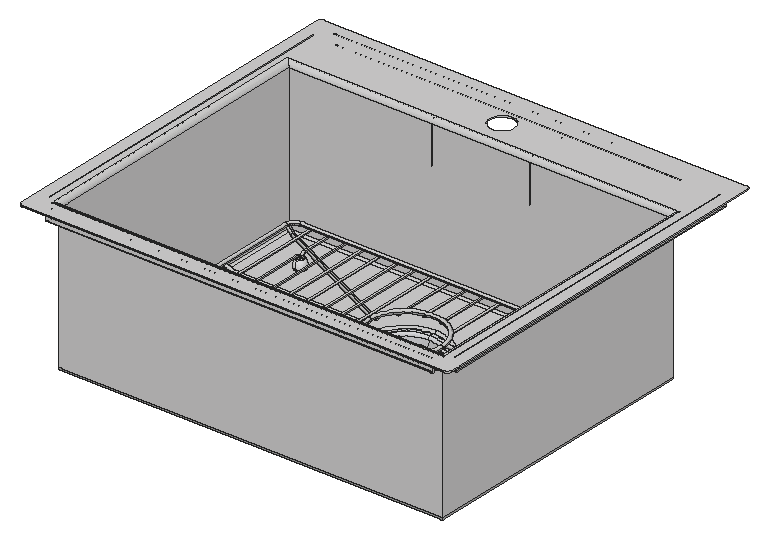
Revit family "Sink-Top_Under_Mount-Kitchen-KOHLER-Vault-K-3822", category Plumbing Fixtures, host Face, Revit 2015 (continued)
Definition of nested family "K-3822"
  Lines and regions (mm)
    symbolic lines, detail levels medium+fine
      curve 189: line (140.921, 53.25, 0) -> (163.645, 64.313, 0)
      curve 190: line (112.845, 44.977, 0) -> (90.121, 33.894, 0)
      curve 191: line (115.521, 40.884, 0) -> (138.245, 51.947, 0)
      curve 192: line (87.445, 32.589, 0) -> (64.779, 21.534, 0)
      curve 193: line (90.121, 28.519, 0) -> (112.845, 39.582, 0)
      curve 194: line (62.103, 20.229, 0) -> (53.246, 15.909, 0)
      curve 195: line (64.779, 16.182, 0) -> (87.445, 27.217, 0)
      curve 196: line (64.779, 2.604, 0) -> (89.238, 2.604, 0)
      curve 197: line (64.779, -2.604, 0) -> (88.236, -2.604, 0)
      curve 198: line (90.121, -2.604, 0) -> (114.238, -2.604, 0)
      curve 199: line (90.121, 2.604, 0) -> (113.922, 2.604, 0)
      curve 200: line (115.521, -2.604, 0) -> (138.245, -2.604, 0)
      curve 201: line (115.521, 2.604, 0) -> (138.245, 2.604, 0)
      curve 202: line (140.921, -2.604, 0) -> (163.645, -2.604, 0)
      curve 203: line (140.921, 2.604, 0) -> (163.645, 2.604, 0)
      curve 204: line (166.321, -2.604, 0) -> (189.045, -2.604, 0)
      curve 205: line (166.321, 2.604, 0) -> (189.045, 2.604, 0)
      curve 206: line (191.721, -2.604, 0) -> (214.445, -2.604, 0)
      curve 207: line (191.721, 2.604, 0) -> (214.445, 2.604, 0)
      curve 208: line (217.121, -2.604, 0) -> (239.845, -2.604, 0)
      curve 209: line (217.121, 2.604, 0) -> (239.845, 2.604, 0)
      curve 210: line (242.521, -2.604, 0) -> (264.768, -2.604, 0)
      curve 211: line (242.521, 2.604, 0) -> (264.768, 2.604, 0)
      curve 212: line (214.445, -212.659, 0) -> (191.721, -189.127, 0)
      curve 213: line (191.721, -196.235, 0) -> (214.445, -219.767, 0)
      curve 214: line (189.045, -186.356, 0) -> (166.321, -162.825, 0)
      curve 215: line (166.321, -169.932, 0) -> (189.045, -193.464, 0)
      curve 216: line (163.645, -160.054, 0) -> (140.921, -136.522, 0)
      curve 217: line (140.921, -143.63, 0) -> (163.645, -167.162, 0)
      curve 218: line (138.245, -133.752, 0) -> (115.521, -110.22, 0)
      curve 219: line (115.521, -117.327, 0) -> (138.245, -140.859, 0)
      curve 220: line (112.845, -107.449, 0) -> (90.121, -83.917, 0)
      curve 221: line (90.121, -91.025, 0) -> (112.845, -114.557, 0)
      curve 222: line (87.445, -81.147, 0) -> (64.779, -57.675, 0)
      curve 223: line (64.779, -64.782, 0) -> (87.445, -88.254, 0)
      curve 224: line (62.103, -54.904, 0) -> (43.036, -35.159, 0)
      curve 225: line (263.661, 118.535, 0) -> (242.521, 108.224, 0)
      curve 226: line (242.521, 102.711, 0) -> (264.764, 113.54, 0)
      curve 227: line (239.845, 106.919, 0) -> (217.121, 95.836, 0)
      curve 228: line (214.445, 94.531, 0) -> (191.721, 83.447, 0)
      curve 229: line (217.121, 90.346, 0) -> (239.845, 101.408, 0)
      curve 230: line (189.045, 82.143, 0) -> (166.321, 71.059, 0)
      curve 231: line (191.721, 77.98, 0) -> (214.445, 89.043, 0)
      curve 232: line (263.961, -263.934, 0) -> (242.521, -241.732, 0)
      curve 233: line (239.845, -238.961, 0) -> (217.121, -215.429, 0)
      curve 234: line (242.521, -248.84, 0) -> (260.977, -267.951, 0)
      curve 235: line (217.121, -222.537, 0) -> (239.845, -246.069, 0)
      curve 236: circle (-32.539, 0, 0) r 2.411 normal (0, 0, 1)
      curve 237: circle (-31.705, 7.245, 0) r 2.411 normal (0, 0, 1)
      curve 238: circle (-29.345, 14.165, 0) r 2.411 normal (0, 0, 1)
      curve 239: circle (-25.42, 20.312, 0) r 2.411 normal (0, 0, 1)
      curve 240: circle (-20.312, 25.421, 0) r 2.411 normal (0, 0, 1)
      curve 241: circle (-14.132, 29.292, 0) r 2.411 normal (0, 0, 1)
      curve 242: circle (-7.252, 31.768, 0) r 2.411 normal (0, 0, 1)
      curve 243: circle (0, 32.538, 0) r 2.411 normal (0, 0, 1)
      curve 244: circle (-24.223, 0, 0) r 2.411 normal (0, 0, 1)
      curve 245: circle (-23.06, 7.491, 0) r 2.411 normal (0, 0, 1)
      curve 246: circle (-19.589, 14.195, 0) r 2.411 normal (0, 0, 1)
      curve 247: circle (-14.241, 19.605, 0) r 2.411 normal (0, 0, 1)
      curve 248: circle (-7.506, 22.997, 0) r 2.411 normal (0, 0, 1)
      curve 249: circle (0, 24.231, 0) r 2.411 normal (0, 0, 1)
      curve 250: circle (-31.705, -7.245, 0) r 2.411 normal (0, 0, -1)
      curve 251: circle (-29.345, -14.165, 0) r 2.411 normal (0, 0, -1)
      curve 252: circle (-25.42, -20.312, 0) r 2.411 normal (0, 0, -1)
      curve 253: circle (-20.312, -25.421, 0) r 2.411 normal (0, 0, -1)
      curve 254: circle (-14.132, -29.292, 0) r 2.411 normal (0, 0, -1)
      curve 255: circle (-7.252, -31.768, 0) r 2.411 normal (0, 0, -1)
      curve 256: circle (-23.06, -7.491, 0) r 2.411 normal (0, 0, -1)
      curve 257: circle (-19.589, -14.195, 0) r 2.411 normal (0, 0, -1)
      curve 258: circle (-14.241, -19.605, 0) r 2.411 normal (0, 0, -1)
      curve 259: circle (-7.506, -22.997, 0) r 2.411 normal (0, 0, -1)
      curve 260: circle (32.539, 0, 0) r 2.411 normal (0, 0, -1)
      curve 261: circle (31.705, 7.245, 0) r 2.411 normal (0, 0, -1)
      curve 262: circle (29.345, 14.165, 0) r 2.411 normal (0, 0, -1)
      curve 263: circle (25.42, 20.312, 0) r 2.411 normal (0, 0, -1)
      curve 264: circle (20.312, 25.421, 0) r 2.411 normal (0, 0, -1)
      curve 265: circle (14.132, 29.292, 0) r 2.411 normal (0, 0, -1)
      curve 266: circle (7.252, 31.768, 0) r 2.411 normal (0, 0, -1)
      curve 267: circle (24.223, 0, 0) r 2.411 normal (0, 0, -1)
      curve 268: circle (23.06, 7.491, 0) r 2.411 normal (0, 0, -1)
      curve 269: circle (19.589, 14.195, 0) r 2.411 normal (0, 0, -1)
      curve 270: circle (14.241, 19.605, 0) r 2.411 normal (0, 0, -1)
      curve 271: circle (7.506, 22.997, 0) r 2.411 normal (0, 0, -1)
      curve 272: circle (31.705, -7.245, 0) r 2.411 normal (0, 0, 1)
      curve 273: circle (29.345, -14.165, 0) r 2.411 normal (0, 0, 1)
      curve 274: circle (25.42, -20.312, 0) r 2.411 normal (0, 0, 1)
      curve 275: circle (20.312, -25.421, 0) r 2.411 normal (0, 0, 1)
      curve 276: circle (14.132, -29.292, 0) r 2.411 normal (0, 0, 1)
      curve 277: circle (7.252, -31.768, 0) r 2.411 normal (0, 0, 1)
      curve 278: circle (23.06, -7.491, 0) r 2.411 normal (0, 0, 1)
      curve 279: circle (19.589, -14.195, 0) r 2.411 normal (0, 0, 1)
      curve 280: circle (14.241, -19.605, 0) r 2.411 normal (0, 0, 1)
      curve 281: circle (7.506, -22.997, 0) r 2.411 normal (0, 0, 1)
      curve 282: circle (0, -32.538, 0) r 2.411 normal (0, 0, -1)
      curve 283: circle (0, -24.231, 0) r 2.411 normal (0, 0, -1)
    symbolic lines, visible <- "Four Faucet Hole", detail levels medium+fine
      curve 31: circle (101.6, 179.387, 0) r 18.256 normal (0, 0, 1)
      curve 32: circle (-101.6, 179.387, 0) r 18.256 normal (0, 0, 1)
      curve 33: circle (241.3, 179.387, 0) r 18.256 normal (0, 0, 1)
    symbolic lines, visible <- "Three Faucet Hole", detail levels medium+fine
      curve 34: circle (101.6, 179.387, 0) r 18.256 normal (0, 0, 1)
      curve 35: circle (-101.6, 179.387, 0) r 18.256 normal (0, 0, 1)
  Dimensions and locks
    "Dist2": plane 9 to plane 11
    "Dist1": plane 9 to plane 12
    aligned and locked: plane 2 to level
    aligned and locked: plane 11 to Extrusion 25 sketch curve  (x2)
    aligned and locked: plane 12 to Extrusion 25 sketch curve
  Automatic sketch dimensions
    curve 14 to plane 10 = 1/16"
    plane 7 to curve 14 = 0.59369"
    curve 14 to curve 14 = 0.13864"
    curve 19 to plane 10 = 1/16"
    curve 14 to curve 19 = 0.51768"
    curve 19 to curve 16 = 0"
    curve 16 to curve 17 = 0"
    curve 15 to curve 16 = 0"  (x2)
    curve 17 to curve 18 = 0.077"
    level to curve 21 = 0.52095"
    plane 7 to curve 21 = 1.49202"
    level to curve 22 = 0.27783"
    curve 22 to plane 3 "Center (Left/Right)" = 2.6622"
    curve 23 to level = 0"
    curve 22 to curve 23 = 0.27784"
    curve 25 to plane 3 "Center (Left/Right)" = 1.45206"
    curve 24 to plane 14 = 0.20175"
    curve 25 to curve 24 = 0.12395"
    plane 3 "Center (Left/Right)" to curve 24 = 1 21/64"
    curve 24 to curve 25 = 0.12395"
    curve 25 to curve 23 = 0.9323"
    curve 23 to curve 22 = 0.27784"
    plane 4 to curve 21 = 1.49202"
    curve 18 to plane 10 = 0.66255"
    plane 4 to curve 18 = 1.327"
    curve 18 to curve 15 = 0.077"
    curve 18 to curve 17 = 0.077"
    curve 19 to curve 15 = 0"
    curve 20 to plane 10 = 1/16"
    curve 19 to curve 20 = 0.51768"
    curve 20 to curve 20 = 0.13864"
    curve 15 to curve 19 = 0.16858"
    curve 16 to curve 15 = 0.03119"
    curve 18 to curve 17 = 0.07141"
    curve 24 to curve 25 = 1.05885"
    Sweep 1 sketch curve to plane 8 = 0"
    plane 7 to Sweep 1 sketch curve = 1 3/8"
    plane 4 to Sweep 1 sketch curve = 1 3/8"
    plane 6 to Sweep 1 sketch curve = 1.355"
    Extrusion 2 sketch curve to plane 7 = 0"
    Extrusion 2 sketch curve to plane 6 = 0"
    Extrusion 2 sketch curve to plane 5 = 0"
    Extrusion 2 sketch curve to plane 4 = 0"
    Extrusion 2 sketch curve to Extrusion 2 sketch curve = 1/4"  (x2)
    plane 6 to Extrusion 2 sketch curve = 1/4"
    plane 4 to Extrusion 2 sketch curve = 1/4"
    Extrusion 3 sketch curve to plane 8 = 0.45953"
    plane 7 to Extrusion 3 sketch curve = 1.83453"
    plane 4 to Extrusion 3 sketch curve = 1.83453"
    plane 6 to Extrusion 3 sketch curve = 1.81453"
    Blend 4 sketch curve to Blend 4 sketch curve = 0"  (x13)
    plane 1 "Center (Front/Back)" to Blend 4 sketch curve = 0"
    Blend 4 sketch curve to plane 3 "Center (Left/Right)" = 0"
    Blend 4 sketch curve to plane 13 = 0.55214"  (x2)
    Blend 4 sketch curve to plane 3 "Center (Left/Right)" = 1.21405"
    Blend 4 sketch curve to plane 1 "Center (Front/Back)" = 1.59645"  (x2)
    Blend 4 sketch curve to plane 8 = 0.45953"
    plane 7 to Blend 4 sketch curve = 1.83453"
    plane 4 to Blend 4 sketch curve = 1.83453"
    plane 6 to Blend 4 sketch curve = 1.81453"
    Revolve 5 sketch curve to plane 1 "Center (Front/Back)" = 0"  (x2)
    Revolve 5 sketch curve to level = 0.1225"
    Revolve 5 sketch curve to plane 1 "Center (Front/Back)" = 1.74708"
    Revolve 5 sketch curve to Revolve 5 sketch curve = 0.61523"
    Revolve 5 sketch curve to level = 0.05052"
    Revolve 5 sketch curve to Revolve 5 sketch curve = 3/8"
    Revolve 5 sketch curve to Revolve 5 sketch curve = 0.413"
    Sweep 6 sketch curve to plane 8 = 0.95841"
    plane 7 to Sweep 6 sketch curve = 2 19/256"
    Sweep 6 sketch curve to Sweep 6 sketch curve = 53/128"  (x2)
    Sweep 6 sketch curve to Sweep 6 sketch curve = 0.41568"
    plane 4 to Sweep 6 sketch curve = 2 125/256"  (x2)
    plane 6 to Sweep 6 sketch curve = 2.26929"
    profile plane to Sweep 6 sketch curve = 0.10365"
    level to Sweep 6 sketch curve = 1.47268"
    level to Sweep 7 sketch curve = 1.17847"
    plane 7 to Sweep 7 sketch curve = 2.62296"
    Sweep 7 sketch curve to plane 3 "Center (Left/Right)" = 2.73641"
    Sweep 7 sketch curve to Sweep 7 sketch curve = 0.6143"  (x2)
    Sweep 7 sketch curve to Sweep 7 sketch curve = 0.17615"  (x2)
    Sweep 7 sketch curve to profile plane = 0.00116"
    Sweep 7 sketch curve to profile plane = 8.77907"
    level to Sweep 8 sketch curve = 1.17847"
    plane 4 to Sweep 8 sketch curve = 2.62296"
    plane 3 "Center (Left/Right)" to Sweep 8 sketch curve = 2.73641"
    Sweep 8 sketch curve to Sweep 8 sketch curve = 0.6143"  (x2)
    Sweep 8 sketch curve to Sweep 8 sketch curve = 0.17615"  (x2)
    profile plane to Sweep 8 sketch curve = 0.00116"
    Sweep 8 sketch curve to profile plane = 8.77907"
    level to Sweep 9 sketch curve = 1.17847"
    Sweep 9 sketch curve to Sweep 9 sketch curve = 11 31/64"
    level to Sweep 9 sketch curve = 1.35462"  (x2)
    Sweep 9 sketch curve to Sweep 9 sketch curve = 0.6143"  (x2)
    Sweep 9 sketch curve to profile plane = 0.00116"
    Sweep 9 sketch curve to profile plane = 8.77907"
    plane 1 "Center (Front/Back)" to Sweep 10 sketch curve = 0"
    Sweep 10 sketch curve to plane 3 "Center (Left/Right)" = 0"
    profile plane to Sweep 10 sketch curve = 0.09349"
    level to Sweep 10 sketch curve = 1.47274"
    level to Sweep 11 sketch curve = 1.17847"
    Sweep 11 sketch curve to Sweep 11 sketch curve = 11 31/64"
    level to Sweep 11 sketch curve = 1.35462"  (x2)
    Sweep 11 sketch curve to Sweep 11 sketch curve = 0.6143"  (x2)
    profile plane to Sweep 11 sketch curve = 0.00116"
    Sweep 11 sketch curve to profile plane = 8.77907"
    level to Sweep 12 sketch curve = 1.17847"
    Sweep 12 sketch curve to Sweep 12 sketch curve = 8 15/64"
    level to Sweep 12 sketch curve = 1.35462"  (x2)
    Sweep 12 sketch curve to Sweep 12 sketch curve = 0.6143"  (x2)
    Sweep 12 sketch curve to profile plane = 0.00116"
    Sweep 12 sketch curve to profile plane = 8.77907"
    level to Extrusion 13 sketch curve = 1.32564"  (x5)
    plane 7 to Extrusion 13 sketch curve = 3.00461"
    Extrusion 13 sketch curve to Extrusion 13 sketch curve = 2"  (x2)
    Extrusion 13 sketch curve to Extrusion 13 sketch curve = 1"  (x8)
    Extrusion 13 sketch curve to Extrusion 13 sketch curve = 0.99772"  (x2)
    Extrusion 13 sketch curve to Extrusion 13 sketch curve = 0.99947"  (x2)
    Extrusion 13 sketch curve to plane 3 "Center (Left/Right)" = 0.49865"
    plane 3 "Center (Left/Right)" to Extrusion 13 sketch curve = 0.49865"
    Extrusion 13 sketch curve to Extrusion 13 sketch curve = 0.99956"
    Extrusion 13 sketch curve to Extrusion 13 sketch curve = 0"  (x13)
    plane 6 to Sweep 14 sketch curve = 2.91272"
    Sweep 14 sketch curve to Sweep 14 sketch curve = 0.10189"  (x2)
    Sweep 14 sketch curve to Sweep 14 sketch curve = 0.14"  (x2)
    Sweep 14 sketch curve to Sweep 14 sketch curve = 13/128"  (x2)
    level to Sweep 14 sketch curve = 1.2261"
    Sweep 14 sketch curve to plane 8 = 2.65906"
    Sweep 14 sketch curve to Sweep 14 sketch curve = 0.00033"  (x2)
    Sweep 14 sketch curve to Sweep 14 sketch curve = 0.42242"  (x2)
    Sweep 14 sketch curve to Sweep 14 sketch curve = 1.16272"
    Sweep 14 sketch curve to plane 8 = 0.49263"
    profile plane to Sweep 14 sketch curve = 0.00202"
    plane 3 "Center (Left/Right)" to Sweep 14 sketch curve = 8.49539"
    plane 6 to Sweep 15 sketch curve = 2.91505"
    Sweep 15 sketch curve to Sweep 15 sketch curve = 0.10189"  (x2)
    Sweep 15 sketch curve to Sweep 15 sketch curve = 0.14"  (x2)
    Sweep 15 sketch curve to Sweep 15 sketch curve = 13/128"  (x4)
    level to Sweep 15 sketch curve = 1.2261"
    Sweep 15 sketch curve to plane 8 = 2.65906"
    Sweep 15 sketch curve to Sweep 15 sketch curve = 0.42275"
    Sweep 15 sketch curve to Sweep 15 sketch curve = 0.42242"
    Sweep 15 sketch curve to Sweep 15 sketch curve = 1.16505"
    Sweep 15 sketch curve to plane 8 = 0.49263"
    Sweep 15 sketch curve to profile plane = 0.00202"
    profile plane to Sweep 15 sketch curve = 8.49539"
    plane 1 "Center (Front/Back)" to Extrusion 16 sketch curve = 0"
    Extrusion 16 sketch curve to plane 3 "Center (Left/Right)" = 0"
    level to Revolve 17 sketch curve = 0.69752"
    plane 6 to Revolve 17 sketch curve = 2.70383"
    Revolve 17 sketch curve to Revolve 17 sketch curve = 0.45342"
    Revolve 17 sketch curve to Revolve 17 sketch curve = 0.2104"
    Revolve 17 sketch curve to Revolve 17 sketch curve = 0.29194"
    level to Revolve 17 sketch curve = 0.60214"
    Revolve 17 sketch curve to Revolve 17 sketch curve = 0.03294"
    Revolve 17 sketch curve to Revolve 17 sketch curve = 0.44874"
    Revolve 17 sketch curve to Revolve 17 sketch curve = 0.03236"
    Revolve 17 sketch curve to Revolve 17 sketch curve = 0"  (x2)
    Revolve 17 sketch curve to Revolve 17 sketch curve = 0.15695"
    Revolve 17 sketch curve to Revolve 17 sketch curve = 0.06882"
    level to Revolve 18 sketch curve = 0.69752"
    plane 6 to Revolve 18 sketch curve = 2.70383"
    Revolve 18 sketch curve to Revolve 18 sketch curve = 0.45342"
    Revolve 18 sketch curve to Revolve 18 sketch curve = 0.2104"
    Revolve 18 sketch curve to Revolve 18 sketch curve = 0.29194"
    Revolve 18 sketch curve to Revolve 18 sketch curve = 0.35337"
    Revolve 18 sketch curve to Revolve 18 sketch curve = 0.03236"
    Revolve 18 sketch curve to Revolve 18 sketch curve = 0.44874"
    Revolve 18 sketch curve to Revolve 18 sketch curve = 0.03294"
    Revolve 18 sketch curve to Revolve 18 sketch curve = 0"  (x2)
    Revolve 18 sketch curve to Revolve 18 sketch curve = 0.15695"
    Revolve 18 sketch curve to Revolve 18 sketch curve = 0.06882"
    level to Revolve 19 sketch curve = 0.69752"
    Revolve 19 sketch curve to plane 1 "Center (Front/Back)" = 2.56645"
    Revolve 19 sketch curve to Revolve 19 sketch curve = 0.45342"
    Revolve 19 sketch curve to Revolve 19 sketch curve = 0.2104"
    Revolve 19 sketch curve to Revolve 19 sketch curve = 0.29194"
    level to Revolve 19 sketch curve = 0.60214"
    Revolve 19 sketch curve to Revolve 19 sketch curve = 0.03294"
    Revolve 19 sketch curve to Revolve 19 sketch curve = 0.44874"
    Revolve 19 sketch curve to Revolve 19 sketch curve = 0.03236"
    Revolve 19 sketch curve to Revolve 19 sketch curve = 0"  (x2)
    Revolve 19 sketch curve to Revolve 19 sketch curve = 0.15695"
    Revolve 19 sketch curve to Revolve 19 sketch curve = 0.06882"
    level to Revolve 20 sketch curve = 0.69752"
    Revolve 20 sketch curve to plane 1 "Center (Front/Back)" = 2.56645"
    Revolve 20 sketch curve to Revolve 20 sketch curve = 0.45342"
    Revolve 20 sketch curve to Revolve 20 sketch curve = 0.2104"
    Revolve 20 sketch curve to Revolve 20 sketch curve = 0.29194"
    Revolve 20 sketch curve to Revolve 20 sketch curve = 0.35337"
    Revolve 20 sketch curve to Revolve 20 sketch curve = 0.03236"
    Revolve 20 sketch curve to Revolve 20 sketch curve = 0.44874"
    Revolve 20 sketch curve to Revolve 20 sketch curve = 0.03294"
    Revolve 20 sketch curve to Revolve 20 sketch curve = 0"  (x2)
    Revolve 20 sketch curve to Revolve 20 sketch curve = 0.15695"
    Revolve 20 sketch curve to Revolve 20 sketch curve = 0.06882"
    Revolve 21 sketch curve to plane 1 "Center (Front/Back)" = 0"  (x2)
    plane 1 "Center (Front/Back)" to Revolve 21 sketch curve = 0.00805"
    Revolve 21 sketch curve to level = 0.07883"
    Revolve 21 sketch curve to plane 1 "Center (Front/Back)" = 0.14499"
    Revolve 21 sketch curve to Revolve 21 sketch curve = 0.11506"
    Revolve 21 sketch curve to Revolve 21 sketch curve = 1.45508"
    Revolve 21 sketch curve to Revolve 21 sketch curve = 0.00051"
    level to Revolve 21 sketch curve = 0.01037"
    Revolve 21 sketch curve to Revolve 21 sketch curve = 0.09349"
    level to Revolve 21 sketch curve = 0.38235"
    Revolve 21 sketch curve to Revolve 21 sketch curve = 0.01949"
    level to Revolve 21 sketch curve = 0.00984"
    Revolve 21 sketch curve to Revolve 21 sketch curve = 0.03156"
    level to Revolve 21 sketch curve = 0.38778"
    Revolve 21 sketch curve to Revolve 21 sketch curve = 0.03187"
    Revolve 21 sketch curve to Revolve 21 sketch curve = 0.11937"
    Revolve 21 sketch curve to Revolve 21 sketch curve = 0.00624"
    Revolve 21 sketch curve to Revolve 21 sketch curve = 0.20941"
    Revolve 21 sketch curve to Revolve 21 sketch curve = 0.03"
    Revolve 21 sketch curve to Revolve 21 sketch curve = 0.04117"
    Revolve 21 sketch curve to Revolve 21 sketch curve = 0.01369"
    Revolve 21 sketch curve to Revolve 21 sketch curve = 0.00743"
    level to Revolve 21 sketch curve = 0.5318"
    Revolve 21 sketch curve to Revolve 21 sketch curve = 0.05014"
    Revolve 21 sketch curve to Revolve 21 sketch curve = 0.1478"
    Revolve 21 sketch curve to Revolve 21 sketch curve = 0.3812"
    Revolve 21 sketch curve to Revolve 21 sketch curve = 0.07896"
    Revolve 22 sketch curve to plane 1 "Center (Front/Back)" = 0"
    plane 14 to Revolve 22 sketch curve = 0"
    Revolve 22 sketch curve to plane 1 "Center (Front/Back)" = 1 5/64"
    Revolve 22 sketch curve to Revolve 22 sketch curve = 0.11602"
    Revolve 22 sketch curve to Revolve 22 sketch curve = 0.00076"
    Revolve 22 sketch curve to plane 14 = 0.03571"
    Revolve 22 sketch curve to Revolve 22 sketch curve = 0.06185"
    Revolve 22 sketch curve to plane 14 = 0.12973"
    Revolve 22 sketch curve to Revolve 22 sketch curve = 0.05428"
    Revolve 22 sketch curve to Revolve 22 sketch curve = 0.01785"
    Revolve 22 sketch curve to Revolve 22 sketch curve = 0.11972"
    level to Revolve 22 sketch curve = 0.2525"
    Revolve 22 sketch curve to Revolve 22 sketch curve = 0.92158"
    Revolve 22 sketch curve to Revolve 22 sketch curve = 0.30867"
    Revolve 22 sketch curve to Revolve 22 sketch curve = 0.076"
    Revolve 22 sketch curve to Revolve 22 sketch curve = 0.94447"
    Revolve 22 sketch curve to Revolve 22 sketch curve = 0.15877"
    plane 14 to Revolve 22 sketch curve = 0.5711"
    Revolve 22 sketch curve to Revolve 22 sketch curve = 0.30021"
    plane 1 "Center (Front/Back)" to Extrusion 23 sketch curve = 0"  (x4)
    Extrusion 23 sketch curve to plane 3 "Center (Left/Right)" = 0"  (x4)
    Extrusion 23 sketch curve to plane 3 "Center (Left/Right)" = 0.28553"  (x2)
    Extrusion 23 sketch curve to plane 3 "Center (Left/Right)" = 0.29553"  (x2)
    Extrusion 23 sketch curve to Extrusion 23 sketch curve = 0.27083"  (x4)
    Extrusion 23 sketch curve to Extrusion 23 sketch curve = 0.26513"  (x4)
    Extrusion 23 sketch curve to Extrusion 23 sketch curve = 0.21056"  (x4)
    Extrusion 23 sketch curve to Extrusion 23 sketch curve = 0.24334"  (x4)
    Extrusion 23 sketch curve to Extrusion 23 sketch curve = 0.13666"  (x4)
    Extrusion 23 sketch curve to Extrusion 23 sketch curve = 0.04579"  (x2)
    Extrusion 23 sketch curve to Extrusion 23 sketch curve = 0.20107"  (x4)
    Extrusion 23 sketch curve to Extrusion 23 sketch curve = 0.15456"  (x4)
    Extrusion 23 sketch curve to Extrusion 23 sketch curve = 0.09291"  (x4)
    Extrusion 23 sketch curve to Extrusion 23 sketch curve = 0.03283"  (x2)
    plane 3 "Center (Left/Right)" to Extrusion 23 sketch curve = 0.28553"  (x2)
    plane 3 "Center (Left/Right)" to Extrusion 23 sketch curve = 0.29553"  (x2)
    plane 1 "Center (Front/Back)" to Extrusion 23 sketch curve = 0.28525"  (x2)
    plane 1 "Center (Front/Back)" to Extrusion 23 sketch curve = 0.29492"  (x2)
    Extrusion 23 sketch curve to Extrusion 23 sketch curve = 0.27243"  (x4)
    Extrusion 23 sketch curve to Extrusion 23 sketch curve = 0.26394"  (x4)
    Extrusion 23 sketch curve to Extrusion 23 sketch curve = 0.21298"  (x4)
    Extrusion 23 sketch curve to Extrusion 23 sketch curve = 0.24199"  (x4)
    Extrusion 23 sketch curve to Extrusion 23 sketch curve = 0.13356"  (x4)
    Extrusion 23 sketch curve to Extrusion 23 sketch curve = 0.04858"  (x2)
    Extrusion 23 sketch curve to Extrusion 23 sketch curve = 0.20115"  (x4)
    Extrusion 23 sketch curve to Extrusion 23 sketch curve = 0.15241"  (x4)
    plane 13 to Extrusion 23 sketch curve = 0.24929"  (x2)
    plane 13 to Extrusion 23 sketch curve = 0.21898"
    Extrusion 23 sketch curve to plane 1 "Center (Front/Back)" = 0.28525"  (x2)
    Extrusion 23 sketch curve to plane 1 "Center (Front/Back)" = 0.29492"  (x2)
    Extrusion 23 sketch curve to Extrusion 23 sketch curve = 0.09748"  (x2)
    Extrusion 23 sketch curve to Extrusion 23 sketch curve = 0.03031"
    Extrusion 24 sketch curve to plane 3 "Center (Left/Right)" = 0"
    Extrusion 24 sketch curve to plane 9 = 0"
    plane 6 to Extrusion 26 sketch curve = 0.43"
    Extrusion 26 sketch curve to plane 10 = 0.24525"  (x2)
    Extrusion 26 sketch curve to Extrusion 26 sketch curve = 0.00853"
    Extrusion 26 sketch curve to Extrusion 26 sketch curve = 0.03"  (x2)
    Extrusion 26 sketch curve to plane 10 = 0.25393"  (x2)
    Extrusion 26 sketch curve to Extrusion 26 sketch curve = 0.02962"  (x2)
    Extrusion 26 sketch curve to Extrusion 26 sketch curve = 0.02625"  (x2)
    Extrusion 26 sketch curve to Extrusion 26 sketch curve = 0.00041"  (x2)
    Extrusion 26 sketch curve to Extrusion 26 sketch curve = 0.03392"
    Extrusion 26 sketch curve to Extrusion 26 sketch curve = 0.02717"  (x2)
    Extrusion 26 sketch curve to plane 10 = 0.08841"  (x2)
    Extrusion 26 sketch curve to Extrusion 26 sketch curve = 0.06071"
    Extrusion 26 sketch curve to plane 10 = 0.11019"  (x2)
    Extrusion 26 sketch curve to Extrusion 26 sketch curve = 0.02208"  (x2)
    Extrusion 26 sketch curve to Extrusion 26 sketch curve = 0.02275"  (x2)
    Extrusion 26 sketch curve to Extrusion 26 sketch curve = 0.00785"  (x2)
    Extrusion 26 sketch curve to Extrusion 26 sketch curve = 0.12201"  (x2)
    Extrusion 26 sketch curve to Extrusion 26 sketch curve = 0.00877"  (x2)
    Extrusion 26 sketch curve to plane 10 = 0.11011"  (x2)
    Extrusion 26 sketch curve to Extrusion 26 sketch curve = 0.02169"  (x2)
    Extrusion 26 sketch curve to Extrusion 26 sketch curve = 0.19793"  (x2)
    Extrusion 26 sketch curve to plane 10 = 0.08753"  (x2)
    Extrusion 26 sketch curve to Extrusion 26 sketch curve = 0.02162"  (x2)
    Extrusion 26 sketch curve to Extrusion 26 sketch curve = 0.02398"
    Extrusion 26 sketch curve to Extrusion 26 sketch curve = 1/32"
    Extrusion 26 sketch curve to Extrusion 26 sketch curve = 0.02727"  (x2)
    Extrusion 26 sketch curve to Extrusion 26 sketch curve = 0.02563"
    Extrusion 26 sketch curve to Extrusion 26 sketch curve = 0.00062"  (x2)
    Extrusion 26 sketch curve to plane 10 = 0.25423"  (x2)
    Extrusion 26 sketch curve to Extrusion 26 sketch curve = 0.00798"
    Extrusion 26 sketch curve to plane 10 = 0.24558"  (x2)
    Extrusion 26 sketch curve to Extrusion 26 sketch curve = 0.02964"  (x2)
    Extrusion 26 sketch curve to plane 5 = 0.895"
    Extrusion 26 sketch curve to Extrusion 26 sketch curve = 0.00834"
    Extrusion 26 sketch curve to Extrusion 26 sketch curve = 0.0325"
    Extrusion 26 sketch curve to Extrusion 26 sketch curve = 0.06139"
    Extrusion 26 sketch curve to Extrusion 26 sketch curve = 0.02223"
    Extrusion 26 sketch curve to Extrusion 26 sketch curve = 0.03082"
    Extrusion 26 sketch curve to Extrusion 26 sketch curve = 0.02584"
    Extrusion 26 sketch curve to Extrusion 26 sketch curve = 0.00815"
    Extrusion 26 sketch curve to Extrusion 26 sketch curve = 0.16343"  (x2)
    Extrusion 26 sketch curve to Extrusion 26 sketch curve = 0.16308"  (x2)
    Extrusion 26 sketch curve to Extrusion 26 sketch curve = 0.15815"  (x2)
    Extrusion 26 sketch curve to Extrusion 26 sketch curve = 0.00007"  (x2)
    Extrusion 26 sketch curve to Extrusion 26 sketch curve = 0.15907"  (x2)
    Extrusion 26 sketch curve to Extrusion 26 sketch curve = 0.00009"  (x2)
    Extrusion 26 sketch curve to Extrusion 26 sketch curve = 0.01762"  (x2)
    Extrusion 26 sketch curve to Extrusion 26 sketch curve = 0.01358"  (x2)
    plane 7 to Extrusion 27 sketch curve = 0.45"
    Extrusion 27 sketch curve to plane 10 = 0.24525"  (x2)
    Extrusion 27 sketch curve to Extrusion 27 sketch curve = 0.00853"
    Extrusion 27 sketch curve to Extrusion 27 sketch curve = 0.03"  (x2)
    Extrusion 27 sketch curve to plane 10 = 0.25393"  (x2)
    Extrusion 27 sketch curve to Extrusion 27 sketch curve = 0.02962"  (x2)
    Extrusion 27 sketch curve to Extrusion 27 sketch curve = 0.02625"  (x2)
    Extrusion 27 sketch curve to Extrusion 27 sketch curve = 0.00041"  (x2)
    Extrusion 27 sketch curve to Extrusion 27 sketch curve = 0.03392"
    Extrusion 27 sketch curve to Extrusion 27 sketch curve = 0.02717"  (x2)
    Extrusion 27 sketch curve to plane 10 = 0.08841"  (x2)
    Extrusion 27 sketch curve to Extrusion 27 sketch curve = 0.06071"
    Extrusion 27 sketch curve to plane 10 = 0.11019"  (x2)
    Extrusion 27 sketch curve to Extrusion 27 sketch curve = 0.02208"  (x2)
    Extrusion 27 sketch curve to Extrusion 27 sketch curve = 0.02275"  (x2)
    Extrusion 27 sketch curve to Extrusion 27 sketch curve = 0.00785"  (x2)
    Extrusion 27 sketch curve to Extrusion 27 sketch curve = 0.12201"  (x2)
    Extrusion 27 sketch curve to Extrusion 27 sketch curve = 0.00877"  (x2)
    Extrusion 27 sketch curve to plane 10 = 0.11011"  (x2)
    Extrusion 27 sketch curve to Extrusion 27 sketch curve = 0.02169"  (x2)
    Extrusion 27 sketch curve to Extrusion 27 sketch curve = 0.19793"  (x2)
    Extrusion 27 sketch curve to plane 10 = 0.08753"  (x2)
    Extrusion 27 sketch curve to Extrusion 27 sketch curve = 0.02162"  (x2)
    Extrusion 27 sketch curve to Extrusion 27 sketch curve = 0.02398"
    Extrusion 27 sketch curve to Extrusion 27 sketch curve = 1/32"
    Extrusion 27 sketch curve to Extrusion 27 sketch curve = 0.02727"  (x2)
    Extrusion 27 sketch curve to Extrusion 27 sketch curve = 0.02563"
    Extrusion 27 sketch curve to Extrusion 27 sketch curve = 0.00062"  (x2)
    Extrusion 27 sketch curve to plane 10 = 0.25423"  (x2)
    Extrusion 27 sketch curve to Extrusion 27 sketch curve = 0.00798"
    Extrusion 27 sketch curve to plane 10 = 0.24558"  (x2)
    Extrusion 27 sketch curve to Extrusion 27 sketch curve = 0.02964"  (x2)
    plane 4 to Extrusion 27 sketch curve = 7/8"
    Extrusion 27 sketch curve to Extrusion 27 sketch curve = 0.00834"
    Extrusion 27 sketch curve to Extrusion 27 sketch curve = 0.0325"
    Extrusion 27 sketch curve to Extrusion 27 sketch curve = 0.06139"
    Extrusion 27 sketch curve to Extrusion 27 sketch curve = 0.02223"
    Extrusion 27 sketch curve to Extrusion 27 sketch curve = 0.03082"
    Extrusion 27 sketch curve to Extrusion 27 sketch curve = 0.02584"
    Extrusion 27 sketch curve to Extrusion 27 sketch curve = 0.00815"
    Extrusion 27 sketch curve to Extrusion 27 sketch curve = 0.16343"  (x2)
    Extrusion 27 sketch curve to Extrusion 27 sketch curve = 0.16308"  (x2)
    Extrusion 27 sketch curve to Extrusion 27 sketch curve = 0.15815"  (x2)
    Extrusion 27 sketch curve to Extrusion 27 sketch curve = 0.00007"  (x2)
    Extrusion 27 sketch curve to Extrusion 27 sketch curve = 0.15907"  (x2)
    Extrusion 27 sketch curve to Extrusion 27 sketch curve = 0.00009"  (x2)
    Extrusion 27 sketch curve to Extrusion 27 sketch curve = 0.01762"  (x2)
    Extrusion 27 sketch curve to Extrusion 27 sketch curve = 0.01358"  (x2)
    Masking region 3 sketch curve to plane 7 = 0"
    Masking region 3 sketch curve to plane 5 = 0"
    Masking region 3 sketch curve to plane 6 = 0"
    Masking region 3 sketch curve to plane 4 = 0"
    plane 6 to Masking region 3 sketch curve = 1/4"
    Masking region 3 sketch curve to Masking region 3 sketch curve = 1/4"
    plane 4 to Masking region 3 sketch curve = 1/4"  (x2)
    level to Sweep 30 sketch curve = 1.17847"
    Sweep 30 sketch curve to Sweep 30 sketch curve = 8 15/64"
    level to Sweep 30 sketch curve = 1.35462"  (x2)
    Sweep 30 sketch curve to Sweep 30 sketch curve = 0.6143"  (x2)
    profile plane to Sweep 30 sketch curve = 0.00116"
    Sweep 30 sketch curve to profile plane = 8.77907"
    curve 31 to curve 34 = 0"  (x2)
    curve 35 to curve 32 = 0"
    curve 32 to curve 35 = 0"
    curve 36 to curve 37 = 0"
    curve 36 to curve 39 = 0"  (x2)
    curve 37 to curve 38 = 0"
    curve 38 to curve 39 = 0"  (x2)
    curve 44 to curve 49 = 0"  (x2)
    curve 45 to curve 51 = 0"  (x2)
    curve 46 to curve 53 = 0"
    curve 47 to curve 55 = 0"  (x2)
    curve 102 to curve 124 = 0"  (x2)
    curve 103 to curve 125 = 0"  (x2)
    curve 104 to curve 127 = 0"  (x2)
    curve 105 to curve 126 = 0"  (x2)
    curve 29 to plane 8 = 0"
    curve 35 to plane 9 = 0"
    plane 1 "Center (Front/Back)" to curve 39 = 0"
    curve 39 to plane 3 "Center (Left/Right)" = 0"
    curve 30 to plane 3 "Center (Left/Right)" = 0"
    curve 34 to plane 9 = 0"
    curve 33 to plane 9 = 0"
    curve 30 to plane 9 = 0"
    curve 32 to plane 3 "Center (Left/Right)" = 4"
    curve 181 to plane 13 = 0.66158"
    curve 181 to plane 3 "Center (Left/Right)" = 2.445"
    curve 146 to plane 1 "Center (Front/Back)" = 0.84778"
    curve 146 to curve 148 = 0.10533"
    curve 179 to plane 13 = 1.69475"
    curve 179 to curve 180 = 0.89239"
    plane 1 "Center (Front/Back)" to curve 151 = 0.10254"
    curve 151 to curve 151 = 0.92352"
    curve 150 to plane 1 "Center (Front/Back)" = 0.10254"
    curve 150 to curve 151 = 0.03945"
    curve 144 to plane 1 "Center (Front/Back)" = 1.3344"
    curve 144 to curve 146 = 0.10533"
    curve 144 to plane 1 "Center (Front/Back)" = 1.77076"
    curve 144 to curve 144 = 0.89467"
    curve 153 to plane 1 "Center (Front/Back)" = 0.10254"
    curve 153 to curve 153 = 0.93707"
    plane 1 "Center (Front/Back)" to curve 152 = 0.10254"
    curve 152 to curve 153 = 0.01243"
    curve 154 to curve 152 = 0.0505"
    curve 145 to plane 1 "Center (Front/Back)" = 2.04517"
    curve 145 to curve 142 = 0.89467"
    curve 157 to curve 155 = 0.10533"
    plane 1 "Center (Front/Back)" to curve 156 = 0.10254"
    curve 156 to curve 156 = 0.89467"
    curve 159 to curve 157 = 0.10533"
    curve 138 to plane 8 = 2.20354"
    curve 138 to curve 138 = 0.89467"
    curve 139 to plane 8 = 2.36741"
    curve 139 to curve 141 = 0.10533"
    curve 139 to plane 8 = 1.93187"
    curve 139 to curve 136 = 0.89467"
    curve 113 to curve 111 = 0"
    curve 58 to curve 106 = 0"
    curve 109 to curve 109 = 0.05267"
    curve 106 to curve 113 = 0.05267"
    curve 107 to curve 58 = 0.05267"
    curve 102 to curve 108 = 0.00661"
    curve 125 to curve 106 = 0.00661"
    curve 137 to plane 8 = 1.44504"
    curve 137 to curve 135 = 0.89467"
    curve 164 to curve 162 = 0.10533"
    curve 49 to curve 129 = 0.46398"
    curve 52 to curve 57 = 0.46572"
    curve 50 to curve 45 = 105/256"
    curve 41 to curve 50 = 51/256"
    curve 26 to curve 44 = 0.50185"
    curve 30 to curve 34 = 4"
    plane 4 to curve 123 = 4.05728"
    curve 114 to curve 116 = 0"
    curve 121 to curve 123 = 0"
    curve 118 to curve 118 = 0.05267"
    curve 114 to curve 117 = 0.05267"
    curve 119 to curve 119 = 0.05267"
    curve 118 to curve 127 = 0.00661"
    curve 116 to curve 105 = 0.00661"
    curve 120 to curve 33 = 0.95194"
    curve 48 to plane 8 = 0.54456"
    curve 120 to curve 48 = 1.46572"
    curve 115 to curve 42 = 1.46604"
    curve 46 to curve 54 = 0.40983"
    curve 47 to curve 27 = 0.50185"
    curve 177 to curve 179 = 0.10908"
    curve 180 to curve 177 = 0.17076"
    curve 178 to curve 180 = 0.10908"
    curve 177 to curve 178 = 0.64662"
    curve 175 to curve 177 = 0.10908"
    curve 178 to curve 175 = 0.17076"
    curve 176 to curve 178 = 0.10908"
    curve 175 to curve 176 = 0.64662"
    curve 173 to curve 175 = 0.10908"
    curve 176 to curve 173 = 0.17076"
    curve 174 to curve 176 = 0.10908"
    curve 173 to curve 174 = 0.64662"
    curve 171 to curve 173 = 0.10908"
    curve 174 to curve 171 = 0.17076"
    curve 172 to curve 174 = 0.10908"
    curve 171 to curve 172 = 0.64662"
    curve 169 to curve 171 = 0.10908"
    curve 172 to curve 169 = 0.17076"
    curve 170 to curve 172 = 0.10908"
    curve 169 to curve 170 = 0.64662"
    curve 166 to curve 169 = 0.10908"
    curve 170 to curve 166 = 0.17076"
    curve 168 to curve 170 = 0.10908"
    plane 6 to curve 123 = 3.29896"
    curve 113 to curve 168 = 0.43973"
    curve 105 to curve 116 = 0.14161"
    curve 125 to curve 106 = 0.14161"
    curve 59 to curve 103 = 0.14242"
    curve 115 to curve 105 = 0.14242"
    curve 168 to curve 107 = 0.20269"
    curve 167 to curve 168 = 0.10908"
    curve 45 to curve 167 = 0.43576"
    curve 29 to curve 41 = 117/128"
    curve 180 to curve 181 = 0.38891"
    curve 180 to curve 132 = 0.10908"
    curve 179 to curve 181 = 0.10908"
    plane 1 "Center (Front/Back)" to curve 158 = 0.10254"
    plane 1 "Center (Front/Back)" to curve 160 = 0.10254"
    plane 1 "Center (Front/Back)" to curve 162 = 0.10254"
    plane 1 "Center (Front/Back)" to curve 164 = 0.10254"
    curve 154 to curve 152 = 0"
    plane 1 "Center (Front/Back)" to curve 133 = 0.10254"
    curve 165 to plane 1 "Center (Front/Back)" = 0.10254"
    curve 163 to plane 1 "Center (Front/Back)" = 0.10254"
    curve 161 to plane 1 "Center (Front/Back)" = 0.10254"
    curve 130 to plane 1 "Center (Front/Back)" = 0.10254"
    curve 159 to plane 1 "Center (Front/Back)" = 0.10254"
    curve 157 to plane 1 "Center (Front/Back)" = 0.10254"
    curve 155 to curve 153 = 0"
    curve 128 to curve 146 = 0.26197"
    curve 128 to curve 149 = 0.05128"
    curve 148 to curve 146 = 0.05138"
    curve 149 to curve 144 = 0.26288"
    curve 149 to curve 147 = 0.05128"
    curve 146 to curve 144 = 0.05138"
    curve 147 to curve 144 = 0.21242"
    curve 147 to curve 145 = 0.05128"
    curve 144 to curve 142 = 0.05138"
    curve 145 to curve 143 = 0.05128"
    curve 143 to curve 142 = 0.16205"
    curve 142 to curve 140 = 0.05138"
    curve 140 to curve 143 = 0.22212"
    curve 143 to curve 141 = 0.05128"
    curve 141 to curve 140 = 0.16296"
    curve 140 to curve 138 = 0.05138"
    curve 122 to curve 120 = 2.01495"
    curve 113 to curve 139 = 0.62765"
    curve 118 to curve 127 = 0.13874"
    curve 108 to curve 124 = 0.13874"
    curve 141 to curve 139 = 0.05128"
    curve 104 to curve 119 = 0.1453"
    curve 102 to curve 110 = 0.1453"
    curve 138 to curve 136 = 0.05138"
    curve 139 to curve 137 = 0.05128"
    curve 137 to curve 136 = 0.16478"
    curve 136 to curve 135 = 0.05138"
    curve 137 to curve 134 = 0.05128"
    curve 134 to curve 135 = 0.16569"
    curve 135 to curve 129 = 0.05138"
    curve 74 to plane 3 "Center (Left/Right)" = 0.44598"
    curve 79 to plane 3 "Center (Left/Right)" = 0.44598"
    curve 75 to curve 74 = 0.10533"
    curve 78 to curve 79 = 0.10533"
    curve 77 to curve 78 = 0.89422"
    curve 72 to curve 75 = 0.89422"
    curve 73 to plane 13 = 0.04324"
    curve 73 to curve 72 = 0.10533"
    curve 76 to curve 77 = 0.10533"
    curve 132 to plane 13 = 0.02952"
    plane 13 to curve 181 = 0.11578"
    curve 148 to plane 1 "Center (Front/Back)" = 0.62634"
    curve 128 to plane 1 "Center (Front/Back)" = 0.43898"
    plane 6 to curve 167 = 1.95083"
    curve 129 to plane 8 = 0.77102"
    curve 50 to curve 131 = 0.03184"
    curve 134 to plane 8 = 0.96744"
    curve 50 to curve 134 = 0.00015"
    plane 3 "Center (Left/Right)" to curve 96 = 0.44598"
    plane 3 "Center (Left/Right)" to curve 101 = 0.44598"
    curve 101 to curve 100 = 0.10533"
    curve 96 to curve 97 = 0.10533"
    curve 97 to curve 94 = 0.89422"
    curve 100 to curve 99 = 0.89422"
    curve 94 to curve 95 = 0.10533"
    curve 99 to curve 98 = 0.10533"
    curve 184 to plane 13 = 0.02952"
    plane 13 to curve 224 = 0.11578"
    curve 194 to plane 1 "Center (Front/Back)" = 0.62634"
    curve 182 to plane 1 "Center (Front/Back)" = 0.43898"
    curve 183 to plane 1 "Center (Front/Back)" = 0.10254"
    plane 1 "Center (Front/Back)" to curve 185 = 0.10254"
    curve 182 to plane 1 "Center (Front/Back)" = 0.58581"
    curve 182 to curve 182 = 0.30162"
    curve 185 to curve 197 = 0.10533"
    curve 195 to plane 1 "Center (Front/Back)" = 1.07152"
    curve 192 to curve 195 = 0.89239"
    plane 1 "Center (Front/Back)" to curve 197 = 0.10254"
    curve 197 to curve 197 = 0.92352"
    curve 196 to plane 1 "Center (Front/Back)" = 0.10254"
    curve 197 to curve 196 = 0.03945"
    curve 196 to curve 199 = 0.03475"
    curve 221 to curve 220 = 0.89467"
    curve 199 to plane 1 "Center (Front/Back)" = 0.10254"
    curve 199 to curve 199 = 0.93707"
    plane 1 "Center (Front/Back)" to curve 198 = 0.10254"
    curve 199 to curve 198 = 0.01243"
    curve 220 to curve 218 = 0.10533"
    curve 219 to curve 219 = 0.89467"
    curve 219 to curve 217 = 0.10533"
    curve 87 to curve 84 = 0.89467"
    curve 84 to curve 85 = 0.10533"
    plane 1 "Center (Front/Back)" to curve 204 = 0.10254"
    curve 204 to curve 204 = 0.89467"
    curve 228 to plane 8 = 2.15217"
    curve 230 to curve 228 = 0.10533"
    plane 1 "Center (Front/Back)" to curve 208 = 0.10254"
    curve 208 to curve 208 = 0.89467"
    curve 235 to curve 234 = 0.10533"
    plane 6 to curve 234 = 1.95073"
    curve 225 to plane 8 = 0.77076"
    curve 232 to curve 54 = 0.03176"
    curve 226 to plane 8 = 0.96744"
    curve 226 to curve 54 = 0.00015"
    curve 220 to plane 13 = 1.80382"
    curve 223 to curve 220 = 0.17076"
    curve 221 to curve 223 = 0.10908"
    curve 220 to curve 221 = 0.64662"
    curve 218 to curve 220 = 0.10908"
    curve 221 to curve 218 = 0.17076"
    curve 219 to curve 221 = 0.10908"
    curve 218 to curve 219 = 0.64662"
    curve 216 to curve 218 = 0.10908"
    curve 219 to curve 216 = 0.17076"
    curve 217 to curve 219 = 0.10908"
    curve 216 to curve 217 = 0.64662"
    curve 214 to curve 216 = 0.10908"
    curve 217 to curve 214 = 0.17076"
    curve 215 to curve 217 = 0.10908"
    curve 214 to curve 215 = 0.64662"
    curve 212 to curve 214 = 0.10908"
    curve 215 to curve 212 = 0.17076"
    curve 213 to curve 215 = 0.10908"
    curve 116 to curve 212 = 0.82864"
    curve 233 to curve 212 = 0.10908"
    curve 213 to curve 233 = 0.17076"
    curve 235 to curve 213 = 0.10908"
    curve 116 to curve 126 = 0.18936"
    curve 106 to curve 125 = 0.18936"
    curve 105 to curve 126 = 0.00211"
    curve 103 to curve 125 = 0.00211"
    curve 168 to curve 166 = 0.27984"
    curve 117 to curve 233 = 0.07715"
    curve 131 to curve 166 = 0.10908"
    curve 232 to curve 233 = 0.10908"
    curve 235 to curve 232 = 0.17076"
    curve 234 to curve 235 = 0.10908"
    curve 220 to curve 222 = 0.10908"
    curve 223 to plane 13 = 1.05049"
    curve 223 to curve 184 = 0.10908"
    curve 184 to curve 222 = 0.17076"
    curve 222 to curve 224 = 0.10908"
    plane 1 "Center (Front/Back)" to curve 210 = 0.10254"
    plane 1 "Center (Front/Back)" to curve 202 = 0.10254"
    curve 198 to curve 200 = 0"
    plane 1 "Center (Front/Back)" to curve 206 = 0.10254"
    curve 203 to plane 1 "Center (Front/Back)" = 0.10254"
    curve 207 to plane 1 "Center (Front/Back)" = 0.10254"
    curve 209 to plane 1 "Center (Front/Back)" = 0.10254"
    curve 211 to plane 1 "Center (Front/Back)" = 0.10254"
    curve 205 to plane 1 "Center (Front/Back)" = 0.10254"
    curve 199 to curve 201 = 0"
    curve 182 to curve 195 = 0.05128"
    curve 195 to curve 194 = 0.15932"
    curve 194 to curve 192 = 0.05138"
    curve 195 to curve 193 = 0.05128"
    curve 193 to curve 192 = 0.16023"
    curve 192 to curve 190 = 0.05138"
    curve 190 to curve 193 = 0.22394"
    curve 193 to curve 191 = 0.05128"
    curve 191 to curve 190 = 0.16114"
    curve 190 to curve 188 = 0.05138"
    curve 188 to curve 191 = 0.22303"
    curve 191 to curve 189 = 0.05128"
    curve 189 to curve 188 = 0.16205"
    curve 188 to curve 186 = 0.05138"
    curve 186 to curve 189 = 0.22212"
    curve 189 to curve 187 = 0.05128"
    curve 127 to curve 122 = 0.19224"
    curve 124 to curve 112 = 0.19224"
    curve 127 to curve 104 = 0.00211"
    curve 124 to curve 102 = 0.00211"
    curve 187 to curve 186 = 0.16296"
    curve 186 to curve 230 = 0.05138"
    curve 187 to curve 228 = 0.26652"
    curve 187 to curve 231 = 0.05128"
    curve 230 to curve 228 = 0.05138"
    curve 104 to curve 231 = 0.16005"
    curve 231 to curve 229 = 0.05128"
    curve 229 to curve 228 = 0.16478"
    curve 228 to curve 227 = 0.05138"
    curve 229 to curve 47 = 0.49032"
    curve 229 to curve 226 = 0.05128"
    curve 226 to curve 227 = 0.16569"
    curve 227 to curve 225 = 0.05138"
    plane 1 "Center (Front/Back)" to curve 236 = 0"
    plane 1 "Center (Front/Back)" to curve 244 = 0"
    plane 1 "Center (Front/Back)" to curve 267 = 0"
    plane 1 "Center (Front/Back)" to curve 260 = 0"
    plane 7 to curve 260 = 13.78107"
    curve 261 to curve 260 = 0.03283"
    curve 272 to curve 260 = 0.03283"
    curve 273 to curve 272 = 0.09291"
    curve 262 to curve 261 = 0.09291"
    curve 274 to curve 273 = 0.15456"
    curve 263 to curve 262 = 0.15456"
    curve 267 to curve 260 = 0.3274"
    curve 268 to curve 267 = 0.04579"
    curve 278 to curve 267 = 0.04579"
    curve 275 to curve 274 = 0.20107"
    curve 264 to curve 263 = 0.20107"
    curve 279 to curve 278 = 0.13666"
    curve 269 to curve 268 = 0.13666"
    curve 280 to curve 279 = 0.21056"
    curve 270 to curve 269 = 0.21056"
    curve 265 to curve 264 = 0.24334"
    curve 276 to curve 275 = 0.24334"
    curve 271 to curve 270 = 0.26513"
    curve 281 to curve 280 = 0.26513"
    curve 266 to curve 265 = 0.27083"
    curve 277 to curve 276 = 0.27083"
    curve 283 to curve 281 = 0.29553"
    curve 243 to curve 266 = 0.28553"
    curve 249 to curve 271 = 0.29553"
    curve 282 to curve 277 = 0.28553"
    curve 242 to curve 243 = 0.28553"
    curve 255 to curve 282 = 0.28553"
    curve 259 to curve 283 = 0.29553"
    curve 248 to curve 249 = 0.29553"
    curve 254 to curve 255 = 0.27083"
    curve 241 to curve 242 = 0.27083"
    curve 258 to curve 259 = 0.26513"
    curve 247 to curve 248 = 0.26513"
    curve 246 to curve 247 = 0.21056"
    curve 257 to curve 258 = 0.21056"
    curve 253 to curve 254 = 0.24334"
    curve 240 to curve 241 = 0.24334"
    curve 245 to curve 246 = 0.13666"
    curve 256 to curve 257 = 0.13666"
    curve 244 to curve 256 = 0.04579"
    curve 239 to curve 240 = 0.20107"
    curve 252 to curve 253 = 0.20107"
    curve 238 to curve 239 = 0.15456"
    curve 251 to curve 252 = 0.15456"
    curve 237 to curve 238 = 0.09291"
    curve 250 to curve 251 = 0.09291"
    curve 236 to curve 250 = 0.03283"
    plane 13 to curve 282 = 0.21898"
    plane 13 to curve 255 = 0.24929"
    plane 13 to curve 277 = 0.24929"
    curve 255 to curve 254 = 0.09748"
    curve 277 to curve 276 = 0.09748"
    curve 276 to curve 275 = 0.15241"
    curve 254 to curve 253 = 0.15241"
    curve 282 to curve 283 = 0.32704"
    curve 283 to curve 281 = 0.04858"
    curve 283 to curve 259 = 0.04858"
    curve 275 to curve 274 = 0.20115"
    curve 253 to curve 252 = 0.20115"
    curve 259 to curve 258 = 0.13356"
    curve 281 to curve 280 = 0.13356"
    curve 280 to curve 279 = 0.21298"
    curve 258 to curve 257 = 0.21298"
    curve 252 to curve 251 = 0.24199"
    curve 274 to curve 273 = 0.24199"
    plane 1 "Center (Front/Back)" to curve 278 = 0.29492"
    plane 1 "Center (Front/Back)" to curve 256 = 0.29492"
    plane 1 "Center (Front/Back)" to curve 272 = 0.28525"
    plane 1 "Center (Front/Back)" to curve 250 = 0.28525"
    curve 261 to plane 1 "Center (Front/Back)" = 0.28525"
    curve 237 to plane 1 "Center (Front/Back)" = 0.28525"
    curve 245 to plane 1 "Center (Front/Back)" = 0.29492"
    curve 268 to plane 1 "Center (Front/Back)" = 0.29492"
    curve 237 to curve 238 = 0.27243"
    curve 261 to curve 262 = 0.27243"
    curve 245 to curve 246 = 0.26394"
    curve 268 to curve 269 = 0.26394"
    curve 246 to curve 247 = 0.21298"
    curve 269 to curve 270 = 0.21298"
    curve 262 to curve 263 = 0.24199"
    curve 238 to curve 239 = 0.24199"
    curve 270 to curve 271 = 0.13356"
    curve 247 to curve 248 = 0.13356"
    curve 271 to curve 249 = 0.04858"
    curve 239 to curve 240 = 0.20115"
    curve 263 to curve 264 = 0.20115"
    curve 264 to curve 265 = 0.15241"
    curve 240 to curve 241 = 0.15241"
    curve 241 to curve 242 = 0.09748"
    curve 265 to curve 266 = 0.09748"
    curve 266 to curve 243 = 0.03031"
    plane 8 to Extrusion 31 sketch curve = 0.048"
    level to Extrusion 31 sketch curve = 0.52095"
    Extrusion 31 sketch curve to plane 10 = 0.048"
    plane 6 to Extrusion 31 sketch curve = 1.307"
    plane 1 "Center (Front/Back)" to Extrusion 32 sketch curve = 0"
    Extrusion 32 sketch curve to plane 3 "Center (Left/Right)" = 0"
    Extrusion 33 sketch curve to plane 5 = 0"
    Extrusion 33 sketch curve to plane 4 = 0"
    Extrusion 33 sketch curve to plane 6 = 0"
    Extrusion 33 sketch curve to plane 7 = 0"
    Extrusion 34 sketch curve to plane 8 = 0"
    plane 7 to Extrusion 34 sketch curve = 1 3/8"
    plane 6 to Extrusion 34 sketch curve = 1.35333"
    plane 4 to Extrusion 34 sketch curve = 1 3/8"
    Masking region 2 sketch curve to plane 7 = 0"
    Masking region 2 sketch curve to plane 15 = 0"  (x8)
    plane 4 to Masking region 2 sketch curve = 0"
    Masking region 2 sketch curve to plane 10 = 0"
    plane 7 to Masking region 2 sketch curve = 0.45"
    plane 15 to Masking region 2 sketch curve = 0.18275"  (x2)
    Masking region 2 sketch curve to Masking region 2 sketch curve = 0.00853"
    Masking region 2 sketch curve to Masking region 2 sketch curve = 0.03"  (x2)
    plane 15 to Masking region 2 sketch curve = 0.19143"  (x2)
    Masking region 2 sketch curve to Masking region 2 sketch curve = 0.02962"  (x2)
    Masking region 2 sketch curve to Masking region 2 sketch curve = 0.02625"  (x2)
    Masking region 2 sketch curve to Masking region 2 sketch curve = 0.00041"  (x2)
    Masking region 2 sketch curve to Masking region 2 sketch curve = 0.03392"
    Masking region 2 sketch curve to Masking region 2 sketch curve = 0.02717"  (x2)
    plane 15 to Masking region 2 sketch curve = 0.02591"  (x2)
    Masking region 2 sketch curve to Masking region 2 sketch curve = 0.06071"
    plane 15 to Masking region 2 sketch curve = 0.04769"  (x2)
    Masking region 2 sketch curve to Masking region 2 sketch curve = 0.02208"  (x2)
    Masking region 2 sketch curve to Masking region 2 sketch curve = 0.02275"  (x2)
    Masking region 2 sketch curve to Masking region 2 sketch curve = 0.00785"  (x2)
    Masking region 2 sketch curve to Masking region 2 sketch curve = 0.12201"  (x2)
    Masking region 2 sketch curve to Masking region 2 sketch curve = 0.00877"  (x2)
    plane 15 to Masking region 2 sketch curve = 0.04761"  (x2)
    Masking region 2 sketch curve to Masking region 2 sketch curve = 0.02169"  (x2)
    Masking region 2 sketch curve to Masking region 2 sketch curve = 0.19793"  (x2)
    plane 15 to Masking region 2 sketch curve = 0.02503"  (x2)
    Masking region 2 sketch curve to Masking region 2 sketch curve = 0.02162"  (x2)
    Masking region 2 sketch curve to Masking region 2 sketch curve = 0.02398"
    Masking region 2 sketch curve to Masking region 2 sketch curve = 1/32"
    Masking region 2 sketch curve to Masking region 2 sketch curve = 0.02727"  (x2)
    Masking region 2 sketch curve to Masking region 2 sketch curve = 0.02563"
    Masking region 2 sketch curve to Masking region 2 sketch curve = 0.00062"  (x2)
    plane 15 to Masking region 2 sketch curve = 0.19173"  (x2)
    Masking region 2 sketch curve to Masking region 2 sketch curve = 0.00798"
    plane 15 to Masking region 2 sketch curve = 0.18308"  (x2)
    Masking region 2 sketch curve to Masking region 2 sketch curve = 0.02964"  (x2)
    Masking region 2 sketch curve to Masking region 2 sketch curve = 0.38334"
    Masking region 2 sketch curve to Masking region 2 sketch curve = 0.077"  (x2)
    level to Masking region 2 sketch curve = 0.5212"  (x2)
    Masking region 2 sketch curve to Masking region 2 sketch curve = 0.15391"
    Masking region 2 sketch curve to Masking region 2 sketch curve = 0.00461"  (x2)
    level to Masking region 2 sketch curve = 0.27783"  (x2)
    Masking region 2 sketch curve to plane 3 "Center (Left/Right)" = 2.6622"
    Masking region 2 sketch curve to level = 0"  (x2)
    Masking region 2 sketch curve to Masking region 2 sketch curve = 0.27784"  (x2)
    Masking region 2 sketch curve to Masking region 2 sketch curve = 0.07903"  (x2)
    Masking region 2 sketch curve to Masking region 2 sketch curve = 0.85327"  (x2)
    Masking region 2 sketch curve to plane 14 = 0.20175"  (x2)
    Masking region 2 sketch curve to Masking region 2 sketch curve = 0.12395"  (x2)
    Masking region 2 sketch curve to plane 14 = 1/8"  (x2)
    Masking region 2 sketch curve to Masking region 2 sketch curve = 0.02057"
    Masking region 2 sketch curve to plane 14 = 0.03178"  (x2)
    Masking region 2 sketch curve to Masking region 2 sketch curve = 0.05381"  (x2)
    Masking region 2 sketch curve to Masking region 2 sketch curve = 0.05505"  (x2)
    plane 3 "Center (Left/Right)" to Masking region 2 sketch curve = 1.1746"
    plane 14 to Masking region 2 sketch curve = 0"
    Masking region 2 sketch curve to Masking region 2 sketch curve = 0.02408"
    level to Masking region 2 sketch curve = 0.67966"
    plane 4 to Masking region 2 sketch curve = 1.48553"
    plane 15 to Masking region 2 sketch curve = 0.21427"
    Masking region 2 sketch curve to Masking region 2 sketch curve = 3/8"
    Masking region 2 sketch curve to Masking region 2 sketch curve = 0.00834"
    Masking region 2 sketch curve to Masking region 2 sketch curve = 0.06139"
    plane 15 to Masking region 2 sketch curve = 0.06531"
    Masking region 2 sketch curve to Masking region 2 sketch curve = 0.02223"
    Masking region 2 sketch curve to Masking region 2 sketch curve = 0.03082"
    Masking region 2 sketch curve to Masking region 2 sketch curve = 0.02584"
    Masking region 2 sketch curve to Masking region 2 sketch curve = 0.00815"
    Masking region 2 sketch curve to Masking region 2 sketch curve = 0.93489"  (x2)
    Masking region 2 sketch curve to Masking region 2 sketch curve = 0.38578"  (x2)
    Masking region 2 sketch curve to Masking region 2 sketch curve = 0.32224"  (x2)
    Masking region 2 sketch curve to Masking region 2 sketch curve = 0.00009"  (x2)
    Masking region 2 sketch curve to Masking region 2 sketch curve = 0.00095"  (x2)
    Masking region 2 sketch curve to Masking region 2 sketch curve = 0.00007"  (x2)
    Masking region 2 sketch curve to Masking region 2 sketch curve = 0.15821"  (x2)
    Masking region 2 sketch curve to Masking region 2 sketch curve = 0.15907"
    Masking region 2 sketch curve to Masking region 2 sketch curve = 0.15916"
    Masking region 2 sketch curve to Masking region 2 sketch curve = 0.01358"
    Masking region 2 sketch curve to Masking region 2 sketch curve = 0"  (x4)
    Masking region 1 sketch curve to plane 6 = 0"
    plane 15 to Masking region 1 sketch curve = 0"  (x4)
    Masking region 1 sketch curve to level = 0"  (x2)
    plane 14 to Masking region 1 sketch curve = 0"
    Masking region 1 sketch curve to plane 5 = 0"
    Masking region 1 sketch curve to plane 10 = 0"
    plane 6 to Masking region 1 sketch curve = 0.43"
    plane 15 to Masking region 1 sketch curve = 0.18275"  (x2)
    Masking region 1 sketch curve to Masking region 1 sketch curve = 0.00853"
    Masking region 1 sketch curve to Masking region 1 sketch curve = 0.03"  (x2)
    plane 15 to Masking region 1 sketch curve = 0.19143"  (x2)
    Masking region 1 sketch curve to Masking region 1 sketch curve = 0.02962"  (x2)
    Masking region 1 sketch curve to Masking region 1 sketch curve = 0.02625"  (x2)
    Masking region 1 sketch curve to Masking region 1 sketch curve = 0.00041"  (x2)
    Masking region 1 sketch curve to Masking region 1 sketch curve = 0.03392"
    Masking region 1 sketch curve to Masking region 1 sketch curve = 0.02717"  (x2)
    plane 15 to Masking region 1 sketch curve = 0.02591"  (x2)
    Masking region 1 sketch curve to Masking region 1 sketch curve = 0.06071"
    plane 15 to Masking region 1 sketch curve = 0.04769"  (x2)
    Masking region 1 sketch curve to Masking region 1 sketch curve = 0.02208"  (x2)
    Masking region 1 sketch curve to Masking region 1 sketch curve = 0.02275"  (x2)
    Masking region 1 sketch curve to Masking region 1 sketch curve = 0.00785"  (x2)
    plane 15 to Masking region 1 sketch curve = 0.03"
    Masking region 1 sketch curve to Masking region 1 sketch curve = 0.12201"  (x2)
    Masking region 1 sketch curve to Masking region 1 sketch curve = 0.00877"  (x2)
    plane 15 to Masking region 1 sketch curve = 0.04761"  (x2)
    Masking region 1 sketch curve to Masking region 1 sketch curve = 0.02169"
    Masking region 1 sketch curve to Masking region 1 sketch curve = 0.19793"  (x2)
    plane 15 to Masking region 1 sketch curve = 0.02503"  (x2)
    Masking region 1 sketch curve to Masking region 1 sketch curve = 0.02162"  (x2)
    Masking region 1 sketch curve to Masking region 1 sketch curve = 0.02398"
    Masking region 1 sketch curve to Masking region 1 sketch curve = 1/32"
    Masking region 1 sketch curve to Masking region 1 sketch curve = 0.02727"  (x2)
    Masking region 1 sketch curve to Masking region 1 sketch curve = 0.02563"
    Masking region 1 sketch curve to Masking region 1 sketch curve = 0.00062"  (x2)
    plane 15 to Masking region 1 sketch curve = 0.19173"  (x2)
    Masking region 1 sketch curve to Masking region 1 sketch curve = 0.00798"
    plane 15 to Masking region 1 sketch curve = 0.18308"  (x2)
    Masking region 1 sketch curve to Masking region 1 sketch curve = 0.02964"  (x2)
    Masking region 1 sketch curve to Masking region 1 sketch curve = 0.38334"
    Masking region 1 sketch curve to Masking region 1 sketch curve = 0.077"
    level to Masking region 1 sketch curve = 0.52095"
    Masking region 1 sketch curve to Masking region 1 sketch curve = 0.13977"
    Masking region 1 sketch curve to Masking region 1 sketch curve = 0.02226"
    level to Masking region 1 sketch curve = 0.27784"  (x2)
    Masking region 1 sketch curve to plane 13 = 1.1622"
    Masking region 1 sketch curve to plane 13 = 0.88437"
    Masking region 1 sketch curve to Masking region 1 sketch curve = 0.07903"  (x2)
    plane 13 to Masking region 1 sketch curve = 0.04794"
    Masking region 1 sketch curve to Masking region 1 sketch curve = 0.12395"  (x2)
    Masking region 1 sketch curve to plane 14 = 1/8"  (x2)
    Masking region 1 sketch curve to Masking region 1 sketch curve = 0.02057"
    Masking region 1 sketch curve to plane 14 = 0.03178"  (x2)
    Masking region 1 sketch curve to Masking region 1 sketch curve = 0.05381"  (x2)
    Masking region 1 sketch curve to Masking region 1 sketch curve = 0.05505"  (x2)
    Masking region 1 sketch curve to Masking region 1 sketch curve = 0.02408"  (x2)
